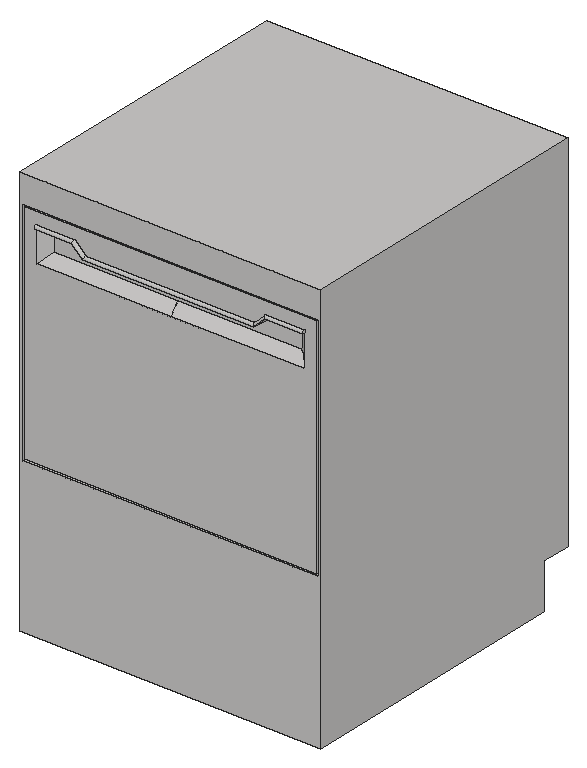
Revit family "QF_ELECTROLUXPROFESSIONAL_502720_ELAI1GCL", category Specialty Equipment, Revit 2018
Family settings
  Round Connector Dimension = Use Diameter
  Part Type = Normal
  Work Plane-Based = No
  Always vertical = Yes
  Cut with Voids When Loaded = No
  Shared = No
  Room Calculation Point = No
Parameters
  Weight = 68.00 kg
  Watts = 0 W
  Volts = 0 V
  URL Manufacturer = ""
  URL = "http://professional.electrolux.com/"
  Steam Supply Size = 0 mm
  Steam Supply Minimum Pressure = 0.0 Pa
  Steam Supply Maximum Pressure = 0.0 Pa
  Steam Pounds per Hour = 0
  Show Logo [instance] = yes
  Show Clearance [instance] = yes
  Refrigeration Suction Line Size = 0 mm
  Refrigeration Liquid Line Size = 0 mm
  Refrigerant Compressor Remote = yes
  Manufacturer = ""
  Phase = 0
  Model = ""
  Length Actual = 600 mm  # constant formula
  Item Number = ""
  Hot Water Size = 0 mm
  Height Actual = 820 mm  # constant formula
  HP = "9.2 HP"
  Gas Size = 0 mm
  Gas KW = 0
  Gas Input Pressure = 0 W
  Direct Waste Size = 20.5 mm
  Description = ""
  Depth Actual = 615 mm  # constant formula
  Cycle = 0 Hz
  Condensate Return Size = 0 mm
  Compressed Air Volume = 0.0 L/s
  Compressed Air Size = 0 mm
  Compressed Air Pressure = 0.0 Pa
  Cold Water Size = 0 mm
  Accessory = yes
Types (2, lengths in mm): name | Volts | URL Manufacturer | URL | Manufacturer | Phase | Model | Item Number | Hot Water Size | Description | Cycle
  (no name) | 0 V | "" | "http://professional.electrolux.com/" | "" | 0 | "" | "" | 0 | "" | 0 Hz
  Standard | 230 V | "http://professional.electrolux.com" | "http://professional.electrolux.com" | "Electrolux Professional" | 1 | "ELAI1GCL" | "502720" | 19.05 | "UNDERCOUNTER(L), WASH-SAFE, DOUBLE SKIN, 1PH, DP, DD, 720D/H - CAFE LINE" | 50 Hz
Reference planes
  plane 1 "Center (Front/Back)": y = 0
  plane 2: z = 0
  plane 3 "Center (Left/Right)": x = 0
  plane 4 "LEFT": x = -300
  plane 5 "RIGHT": x = 300
  plane 6 "FRONT": y = -307.5
  plane 7 "BACK": y = 307.5
  plane 8: z = 830
  plane 9: z = 10
  plane 10: y = 268.5
Forms (mm)
  Extrusion 1, solid, material "QF_Finishes_Stainless Steel"
    sketch origin (0, 0, 0) x (1, 0, 0) y (0, 1, 0)
      loop
        line (-300, -307.5) -> (300, -307.5) -> (300, 249.5) -> (-300, 249.5) -> (-300, -307.5)
    from 10 to 830
  Extrusion 2, solid, material "QF_Finishes_Stainless Steel"
    sketch origin (0, 0, 0) x (1, 0, 0) y (0, 1, 0)
      loop
        line (-300, 249.5) -> (300, 249.5) -> (300, 307.5) -> (-300, 307.5) -> (-300, 249.5)
    from 100 to 830
  Extrusion 3, solid, material "QF_Finishes_Stainless Steel"
    sketch origin (0, 0, 0) x (1, 0, 0) y (0, 1, 0)
      loop
        circle (-254, 193.5) r 12.5
      loop
        circle (254, 193.5) r 12.5
      loop
        circle (-254, -237.5) r 12.5
      loop
        circle (254, -237.5) r 12.5
    from 0 to 10
  Extrusion 4, void
    sketch origin (-300, -307.5, 0) x (-1, 0, 0) y (0, 0, 1)
      loop
        line (-5, 773.217) -> (-595, 773.217) -> (-595, 315.188) -> (-5, 315.188) -> (-5, 773.217)
    from 0 to 30
  Extrusion 5, solid, material "QF_Finishes_Stainless Steel"
    sketch origin (-274, -411, 733) x (0, 0, -1) y (1, 0, 0)
      loop
        circle (693, 143) r 10
    from -660.5 to -718.5
  Extrusion 6, solid, material "QF_Door-Drawer Clearances", visible <- "Show Clearance", detail levels coarse
    sketch origin (-230, -282.5, 0) x (0, 1, 0) y (0, 0, -1)
      loop
        line (-25, -319.312) -> (-397, -319.312)
        arc (-397, -319.312) -> (-298.139, -616.581) -> (-25, -770) r 434.302
        line (-25, -770) -> (-25, -319.312)
    from 61.225 to -521.647
  Extrusion 7, solid, material "QF_Finishes_Stainless Steel"
    sketch origin (-331.481, -411, 703) x (0, 0, -1) y (1, 0, 0)
      loop
        circle (663, 252.481) r 8
    from -660.5 to -718.5
  Extrusion 8, solid, material "QF_Finishes_Stainless Steel"
    sketch origin (-230, -282.5, 0) x (0, 1, 0) y (0, 0, -1)
      loop
        line (-25, -319.312) -> (-25, -770) -> (0, -770) -> (0, -319.312) -> (-25, -319.312)
    from 61.225 to -521.647
  Extrusion 9, solid, material "QF_Finishes_Stainless Steel"
    sketch origin (-301, 942.75, 760.5) x (0, -1, 0) y (1, 0, 0)
      loop
        circle (663, 158) r 8
    from -660.5 to -670.5
  Blend 10, void
    base sketch origin (-230, -307.5, 770) x (0, 0, -1) y (1, 0, 0)
      loop
        line (93.563, -37.311) -> (93.563, 230) -> (93.563, 497.311) -> (28.563, 497.311) -> (28.563, 422.311) -> (49.776, 401.098) -> (49.776, 230) -> (49.776, 58.902) -> (28.563, 37.689) -> (28.563, -37.311) -> (93.563, -37.311)
    top sketch origin (-230, -307.5, 770) x (0, 0, -1) y (1, 0, 0)
      loop
        line (73.563, -17.311) -> (73.563, 230) -> (73.563, 477.311) -> (31.063, 477.311) -> (31.063, 422.311) -> (52.276, 401.098) -> (52.276, 58.902) -> (31.063, 37.689) -> (31.063, -17.311) -> (73.563, -17.311)
    from 0 to -19.433
  Sweep 11, solid, material "QF_Finishes_Stainless Steel"
    path origin (-230, -307.5, 770) x (0, 0, -1) y (1, 0, 0)
      loop
        line (28.563, -37.311) -> (28.563, 37.689) -> (49.776, 58.902) -> (49.776, 401.098) -> (28.563, 422.311) -> (28.563, 497.311)
    profile origin (-229.811, -307.5, 741.437) x (0, 0, 1) y (0, -1, 0)
      loop
        line (0, 0) -> (5, 0)
        arc (5, 0) -> (3.536, 3.536) -> (0, 5) r 5
        arc (0, 5) -> (-0.037, 0.962) -> (-0.394, -3.06) r 51.04
        line (-0.394, -3.06) -> (0, 0)
Cuts and joins
  Extrusion 4 cuts Extrusion 1
  joined: Extrusion 1, Extrusion 2
  Blend 10 cuts Extrusion 8
Lines and regions (mm)
  Split face 1
    outline origin (-300, -307.5, 830) x (0, 0, -1) y (1, 0, 0)
      loop
        line (56.783, 5) -> (56.783, 0)
      loop
        line (56.783, 595) -> (56.783, 600)
      loop
        line (37.034, 600) -> (37.034, 514.297)
        arc (37.034, 514.297) -> (37.64, 511.25) -> (39.366, 508.667) r 7.962
        line (39.366, 508.667) -> (44.289, 503.744)
        arc (44.289, 503.744) -> (46.135, 500.982) -> (46.783, 497.723) r 8.515
        line (46.783, 497.723) -> (46.783, 87.277)
        arc (46.783, 87.277) -> (46.135, 84.018) -> (44.289, 81.256) r 8.515
        line (44.289, 81.256) -> (39.366, 76.333)
        arc (39.366, 76.333) -> (37.64, 73.75) -> (37.034, 70.703) r 7.962
        line (37.034, 70.703) -> (37.034, 0)
  Split face 2
    outline origin (-300, -307.5, 830) x (0, 0, -1) y (1, 0, 0)
      loop
        line (13.15, 274.82) -> (37.034, 274.82) -> (37.034, 325.18) -> (13.15, 325.18) -> (13.15, 274.82)
  symbolic lines
    curve 1: line (-300, 307.5, 0) -> (300, 307.5, 0)
    curve 2: line (-300, -307.5, 0) -> (-300, 307.5, 0)
    curve 3: line (300, -307.5, 0) -> (-300, -307.5, 0)
    curve 4: line (300, 307.5, 0) -> (300, -307.5, 0)
  symbolic lines, style "QF_Door-Drawer Clearances"
    curve 5: line (-291.225, -679.5, 0) -> (291.647, -679.5, 0)
    curve 6: line (291.647, -679.5, 0) -> (291.647, -307.5, 0)
    curve 7: line (-291.225, -679.5, 0) -> (-291.225, -307.5, 0)
  symbolic lines, style "SpecialityEquipmentHiddenLines"
    curve 8: line (-300, 249.5, 0) -> (300, 249.5, 0)
Dimensions and locks
  equal spacing: plane 4 "LEFT", plane 3 "Center (Left/Right)", plane 5 "RIGHT"
  equal spacing: plane 7 "BACK", plane 1 "Center (Front/Back)", plane 6 "FRONT"
  plane 7 "BACK" to plane 6 "FRONT" = 615 mm
  plane 4 "LEFT" to plane 5 "RIGHT" = 600 mm
  locked: plane 9 to level at 10
  plane 4 "LEFT" to plane 3 "Center (Left/Right)" = 300 mm
  plane 8 to level = 830 mm  (x2)
  Extrusion 9 sketch curve to plane 4 "LEFT" = 157 mm
  level to Extrusion 5 sketch curve = 40 mm
  Extrusion 5 sketch curve to plane 4 "LEFT" = 169 mm
  Extrusion 7 sketch curve to plane 4 "LEFT" = 221 mm
  level to Extrusion 7 sketch curve = 40 mm
  Extrusion 3 to cut or joined group of Extrusion 1, Extrusion 2, Extrusion 4 = 114 mm
  Extrusion 3 to Extrusion 3 = 431 mm
  plane 6 "FRONT" to Extrusion 3 = 70 mm
  plane 1 "Center (Front/Back)" to plane 6 "FRONT" = 307.5 mm
  locked: plane 7 "BACK" to plane 10 at 39
  plane 7 "BACK" to curve 5 = 987 mm
  Extrusion 8 to cut or joined group of Extrusion 1, Extrusion 2, Extrusion 4 = 454.812 mm
  aligned and locked: level to plane 2
  aligned and locked: Extrusion 1 sketch curve to plane 6 "FRONT"
  aligned and locked: Extrusion 1 sketch curve to plane 4 "LEFT"
  aligned and locked: plane 5 "RIGHT" to Extrusion 1 sketch curve
  aligned and locked: Extrusion 1 to plane 9
  aligned and locked: Extrusion 2 sketch curve to Extrusion 1
  aligned and locked: plane 7 "BACK" to Extrusion 2 sketch curve
  aligned and locked: plane 5 "RIGHT" to Extrusion 2 sketch curve
  aligned and locked: plane 9 to Extrusion 3
Automatic sketch dimensions
  Extrusion 1 sketch curve to plane 10 = 19 mm
  Extrusion 2 sketch curve to plane 10 = 19 mm
  plane 4 "LEFT" to Extrusion 3 sketch curve = 46 mm  (x2)
  Extrusion 3 sketch curve to plane 5 "RIGHT" = 46 mm  (x2)
  plane 6 "FRONT" to Extrusion 3 sketch curve = 70 mm  (x2)
  Extrusion 3 sketch curve to plane 10 = 75 mm  (x2)
  Extrusion 4 sketch curve to Extrusion 1 = 5 mm  (x2)
  Extrusion 4 sketch curve to Extrusion 1 = 305.188 mm
  Extrusion 4 sketch curve to Extrusion 1 = 56.783 mm
  Extrusion 8 sketch curve to plane 6 "FRONT" = 0 mm
  Extrusion 8 sketch curve to Extrusion 8 sketch curve = 25 mm
  Extrusion 8 sketch curve to plane 8 = 60 mm
  plane 9 to Extrusion 8 sketch curve = 309.312 mm
  cut or joined group of Extrusion 1, Extrusion 2, Extrusion 4 to Split face 1 sketch curve = 0 mm  (x2)
  Split face 1 sketch curve to cut or joined group of Extrusion 1, Extrusion 2, Extrusion 4 = 0 mm  (x6)
  cut or joined group of Extrusion 1, Extrusion 2, Extrusion 4 to Split face 1 sketch curve = 10 mm
  Split face 1 sketch curve to Split face 1 sketch curve = 2.494 mm  (x2)
  Split face 1 sketch curve to Split face 1 sketch curve = 8.515 mm  (x2)
  cut or joined group of Extrusion 1, Extrusion 2, Extrusion 4 to Split face 1 sketch curve = 11.786 mm  (x2)
  Split face 1 sketch curve to Split face 1 sketch curve = 5.63 mm  (x2)
  Split face 1 sketch curve to Split face 1 sketch curve = 2.332 mm  (x2)
  Split face 1 sketch curve to cut or joined group of Extrusion 1, Extrusion 2, Extrusion 4 = 65.703 mm
  Split face 1 sketch curve to Split face 1 sketch curve = 4.923 mm  (x2)
  Split face 1 sketch curve to cut or joined group of Extrusion 1, Extrusion 2, Extrusion 4 = 97.277 mm
  Split face 2 sketch curve to cut or joined group of Extrusion 1, Extrusion 2, Extrusion 4 = 13.15 mm
  cut or joined group of Extrusion 1, Extrusion 2, Extrusion 4 to Split face 2 sketch curve = 19.749 mm
  Split face 2 sketch curve to cut or joined group of Extrusion 1, Extrusion 2, Extrusion 4 = 269.82 mm
  Split face 2 sketch curve to Split face 2 sketch curve = 50.359 mm
  curve 1 to plane 4 "LEFT" = 0 mm
  curve 7 to plane 6 "FRONT" = 0 mm
  curve 4 to plane 5 "RIGHT" = 0 mm
  curve 8 to plane 10 = 19 mm
  curve 2 to plane 7 "BACK" = 0 mm
  plane 4 "LEFT" to curve 5 = 8.775 mm
  curve 6 to plane 5 "RIGHT" = 8.353 mm
  Extrusion 6 sketch curve to plane 6 "FRONT" = 0 mm
  plane 6 "FRONT" to Extrusion 6 sketch curve = 61.803 mm
  plane 9 to Extrusion 6 sketch curve = 330.118 mm
  Extrusion 6 sketch curve to Extrusion 6 sketch curve = 20.806 mm
  Extrusion 6 sketch curve to plane 6 "FRONT" = 372 mm
  Blend 10 sketch curve to Extrusion 8 = 28.563 mm  (x2)
  Blend 10 sketch curve to Extrusion 8 = 49.776 mm
  Blend 10 sketch curve to Blend 10 sketch curve = 65 mm
  Extrusion 8 to Blend 10 sketch curve = 23.913 mm
  Blend 10 sketch curve to Blend 10 sketch curve = 75 mm  (x2)
  Blend 10 sketch curve to Blend 10 sketch curve = 21.213 mm  (x5)
  Blend 10 sketch curve to Blend 10 sketch curve = 171.098 mm  (x2)
  Blend 10 sketch curve to Blend 10 sketch curve = 0 mm
  Extrusion 8 to Blend 10 sketch curve = 120.549 mm
  Extrusion 8 to Blend 10 sketch curve = 99.335 mm
  Extrusion 8 to Blend 10 sketch curve = 43.913 mm
  Blend 10 sketch curve to Blend 10 sketch curve = 42.5 mm
  Extrusion 8 to Blend 10 sketch curve = 44.335 mm
  Blend 10 sketch curve to Blend 10 sketch curve = 55 mm  (x2)
  Blend 10 sketch curve to Extrusion 8 = 31.063 mm
  Extrusion 8 to Sweep 11 sketch curve = 98.913 mm
  Sweep 11 sketch curve to Sweep 11 sketch curve = 21.213 mm  (x4)
  Extrusion 8 to Sweep 11 sketch curve = 23.913 mm
  Sweep 11 sketch curve to Extrusion 8 = 28.563 mm
  Extrusion 8 to Sweep 11 sketch curve = 99.335 mm
  Extrusion 8 to Sweep 11 sketch curve = 24.335 mm
  profile plane to Sweep 11 sketch curve = 0 mm  (x2)
  Sweep 11 sketch curve to profile plane = 0 mm
  profile plane to Sweep 11 sketch curve = 3.452 mm
  Sweep 11 sketch curve to Sweep 11 sketch curve = 5 mm
  profile plane to Sweep 11 sketch curve = 0.394 mm
  Sweep 11 sketch curve to profile plane = 3.06 mm
  plane 10 to Extrusion 9 sketch curve = 11.25 mm
  radius of Extrusion 3 sketch curve = 12.5 mm  (x4)
  radius of Extrusion 5 sketch curve = 10 mm
  radius of Extrusion 7 sketch curve = 8 mm
  radius of Extrusion 9 sketch curve = 8 mm
Connectors
  piping at (-131, 307.5, 40), diameter 20
    settings: on Extrusion 5, index 1, connector inside diameter 609.6 mm, connector length 0 mm, flow factor 0, pipe flow 0.0 L/s, pressure drop 0.0 Pa, fitting loss kfactor 0, connector angle 0.00°, fixture units 0, engagement length 0 mm, angle of deflection 0.00°, flow configuration 1, flow direction 1, fitting loss method 0, system type 16, joint type 0, gender type 0, connector reference index -1, connector utility 0, adjustable connector no, is connector primary yes, connector description "Drain"
  piping at (-79, 307.5, 40), diameter 16
    settings: on Extrusion 7, index 3, connector inside diameter 609.6 mm, connector length 0 mm, flow factor 0, pipe flow 0.0 L/s, pressure drop 0.0 Pa, fitting loss kfactor 0, connector angle 0.00°, fixture units 0, engagement length 0 mm, angle of deflection 0.00°, flow configuration 1, flow direction 1, fitting loss method 0, system type 20, joint type 0, gender type 0, connector reference index -1, connector utility 0, adjustable connector no, is connector primary no, connector description "Cold Water Inlet"
  electrical at (-143, 279.75, 90), driven by "Volts"
    settings: on Extrusion 9, index 4, voltage 0 V, apparent load 0 VA, apparent load phase1 0 VA, apparent load phase2 0 VA, apparent load phase3 0 VA, power factor 1, load classification "Altro", number of poles 1, system type 31, power factor state 1, is connector primary yes, connector utility no, sub classification motor no, connector description "Electrical Connection"
